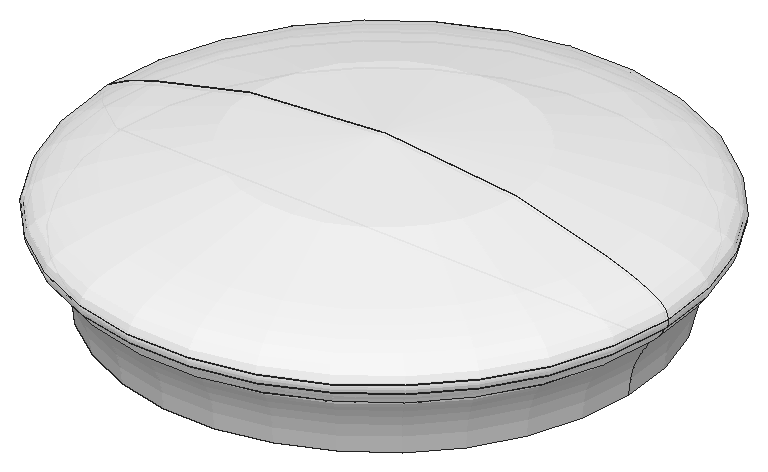
Revit family "0043409", category Lighting Devices, host Face, Revit 2023 (continued)
Definition of nested family "0043409_3000K_29W_lightsource"
  Parameters (values of type "START SURFACE IP54 2500-4000 830/840 lightsource")
    built-in parameter 1150142 = "IESNA:LM-63-2002\r\n[TEST] 20231016003M-01\r\n[TESTLAB] \r\n[TESTDATE] 16 Oct 2023\r\n[ISSUEDATE] 16 Oct 2023\r\n[MANUFAC] SYLVANIA\r\n[LUMCAT] 0043409\r\n[LUMINAIRE] START Surface IP44 Multip 4000lm 830 840-4000K-2µµ\r\n[FLASHAREA] 0.030401\r\n[LAMPCAT] LED\r\n[LAMP] LED\r\nTILT=NONE\r\n1 3500.00 1.0 181 4 1 2 -0.400 -0.400 0.000\r\n1.00 1.00 29.00\r\n0.00 1.00 2.00 3.00 4.00 5.00 6.00 7.00 8.00 9.00 10.00 \r\n11.00 12.00 13.00 14.00 15.00 16.00 17.00 18.00 19.00 \r\n20.00 21.00 22.00 23.00 24.00 25.00 26.00 27.00 28.00 \r\n29.00 30.00 31.00 32.00 33.00 34.00 35.00 36.00 37.00 \r\n38.00 39.00 40.00 41.00 42.00 43.00 44.00 45.00 46.00 \r\n47.00 48.00 49.00 50.00 51.00 52.00 53.00 54.00 55.00 \r\n56.00 57.00 58.00 59.00 60.00 61.00 62.00 63.00 64.00 \r\n65.00 66.00 67.00 68.00 69.00 70.00 71.00 72.00 73.00 \r\n74.00 75.00 76.00 77.00 78.00 79.00 80.00 81.00 82.00 \r\n83.00 84.00 85.00 86.00 87.00 88.00 89.00 90.00 91.00 \r\n92.00 93.00 94.00 95.00 96.00 97.00 98.00 99.00 100.00 \r\n101.00 102.00 103.00 104.00 105.00 106.00 107.00 108.00 \r\n109.00 110.00 111.00 112.00 113.00 114.00 115.00 116.00 \r\n117.00 118.00 119.00 120.00 121.00 122.00 123.00 124.00 \r\n125.00 126.00 127.00 128.00 129.00 130.00 131.00 132.00 \r\n133.00 134.00 135.00 136.00 137.00 138.00 139.00 140.00 \r\n141.00 142.00 143.00 144.00 145.00 146.00 147.00 148.00 \r\n149.00 150.00 151.00 152.00 153.00 154.00 155.00 156.00 \r\n157.00 158.00 159.00 160.00 161.00 162.00 163.00 164.00 \r\n165.00 166.00 167.00 168.00 169.00 170.00 171.00 172.00 \r\n173.00 174.00 175.00 176.00 177.00 178.00 179.00 180.00 \r\n0.00 30.00 60.00 90.00 \r\n836.50 836.15 836.15 835.80 835.10 834.40 834.05 833.00 \r\n831.95 830.55 828.80 827.05 825.30 823.20 821.10 818.30 \r\n815.85 812.70 809.55 806.40 802.55 798.70 794.85 790.65 \r\n786.45 781.55 776.65 771.40 766.15 760.20 754.60 748.30 \r\n742.00 735.70 728.70 721.70 714.35 706.65 698.95 691.25 \r\n682.85 674.45 665.70 656.60 647.50 638.05 628.60 619.15 \r\n609.00 599.20 589.40 578.20 567.35 556.50 544.95 533.75 \r\n521.85 510.30 498.40 486.15 473.90 461.65 449.40 436.80 \r\n424.20 411.60 399.00 386.05 373.45 360.85 348.18 335.72 \r\n323.26 310.90 298.65 286.62 274.71 263.31 251.96 240.94 \r\n230.34 220.22 210.21 200.62 191.31 182.59 174.13 165.83 \r\n158.24 150.92 144.41 138.11 132.54 127.19 122.47 117.98 \r\n113.89 110.18 106.68 103.46 100.66 98.04 95.66 93.59 \r\n91.77 90.09 88.55 87.19 86.00 84.91 83.96 83.02 82.08 \r\n81.20 80.25 79.31 78.40 77.49 76.58 75.70 74.73 73.78 \r\n72.83 71.79 70.77 69.65 68.53 67.38 66.29 65.10 63.91 \r\n62.72 61.50 60.20 58.98 57.75 56.56 55.30 54.00 52.75 \r\n51.45 50.12 48.69 47.22 46.06 45.01 44.00 42.95 41.90 \r\n40.84 39.87 38.88 37.98 37.24 36.47 35.73 35.56 35.66 \r\n35.59 34.78 33.77 32.80 32.00 31.12 30.08 29.10 28.05 \r\n26.52 25.03 23.55 21.95 20.04 17.86 15.20 13.15 11.50 \r\n10.44 8.50 6.62 6.62 6.62 \r\n836.50 836.15 836.15 835.80 835.45 834.75 834.05 833.00 \r\n831.95 830.55 829.15 827.40 825.65 823.55 821.45 819.00 \r\n816.20 813.05 809.90 806.75 803.25 799.40 795.55 791.35 \r\n786.80 782.25 777.35 772.10 766.50 760.90 755.30 749.00 \r\n742.70 736.40 729.40 722.05 715.05 707.70 699.65 691.60 \r\n683.55 675.15 666.40 657.30 647.85 638.40 628.95 619.15 \r\n609.00 598.50 588.00 577.50 566.30 555.45 543.90 532.70 \r\n521.15 508.90 497.00 485.10 472.85 460.60 448.35 435.40 \r\n422.80 410.55 397.95 385.00 372.40 359.80 347.03 334.32 \r\n321.75 309.64 298.13 286.62 275.10 263.65 252.88 241.99 \r\n231.59 221.27 211.47 201.67 192.22 183.09 174.23 165.87 \r\n158.16 150.88 144.27 138.18 132.51 127.33 122.50 118.16 \r\n114.13 110.42 107.10 103.95 101.12 98.56 96.29 94.15 \r\n92.26 90.48 88.90 87.57 86.34 85.23 84.17 83.23 82.39 \r\n81.62 80.95 80.33 79.69 79.17 78.54 77.94 77.35 76.72 \r\n76.13 75.50 74.87 74.27 73.64 72.98 72.34 71.64 71.02 \r\n70.35 69.58 68.74 67.90 67.02 66.08 65.13 64.16 63.07 \r\n61.98 60.90 59.78 58.66 57.57 56.49 55.34 54.25 53.16 \r\n52.22 51.31 50.23 49.00 47.74 46.48 44.45 42.73 41.23 \r\n39.79 38.40 36.96 35.59 34.17 32.69 31.11 29.63 28.31 \r\n26.87 25.26 23.31 21.19 18.98 16.97 16.44 14.29 11.80 \r\n9.77 7.27 6.71 6.67 6.66 \r\n836.50 836.50 836.15 836.15 835.80 835.45 834.75 833.70 \r\n832.65 831.60 830.20 828.45 826.70 824.95 822.50 820.05 \r\n817.60 814.80 812.00 808.50 805.00 801.15 797.30 793.45 \r\n789.25 784.70 779.80 774.55 769.30 763.70 757.75 751.80 \r\n745.50 739.20 732.55 725.55 718.55 710.85 703.15 695.45 \r\n687.40 678.65 669.90 661.50 652.05 642.95 633.50 623.70 \r\n613.55 603.40 593.60 582.75 571.90 561.40 549.85 538.30 \r\n526.75 514.85 502.95 491.05 478.80 466.55 453.95 441.35 \r\n429.10 416.15 403.90 390.95 378.35 365.40 352.80 340.06 \r\n327.60 315.18 303.10 291.44 279.86 268.63 257.63 246.71 \r\n236.32 225.96 215.84 205.76 196.03 186.45 176.92 168.35 \r\n160.34 152.67 145.78 139.37 133.53 128.03 123.06 118.44 \r\n114.24 110.42 106.89 103.70 100.77 98.07 95.69 93.45 \r\n91.56 89.77 88.20 86.73 85.44 84.17 83.19 82.25 81.41 \r\n80.61 79.94 79.20 78.58 77.88 77.25 76.65 76.06 75.53 \r\n74.97 74.41 73.81 73.29 72.69 72.10 71.54 70.98 70.45 \r\n69.93 69.33 68.67 67.90 67.09 66.22 65.24 64.23 63.25 \r\n62.16 61.07 59.92 58.70 57.50 56.35 55.16 54.00 52.81 \r\n51.70 50.61 49.56 48.54 47.35 46.13 44.48 42.56 40.50 \r\n38.32 36.33 34.90 33.72 32.76 31.60 30.08 28.32 26.37 \r\n24.30 22.39 20.57 18.72 17.43 16.64 16.59 15.02 11.39 \r\n8.67 7.26 6.62 6.62 6.62 \r\n836.50 836.50 836.15 836.15 835.80 835.10 834.75 834.05 \r\n833.00 831.95 830.55 829.15 827.40 825.30 823.20 820.75 \r\n818.30 815.50 812.70 809.55 806.05 802.55 798.35 794.15 \r\n790.30 785.75 780.85 775.95 770.35 765.10 759.15 753.20 \r\n746.90 740.60 733.95 726.95 719.60 712.25 704.20 696.50 \r\n688.45 680.40 671.65 662.55 653.45 644.35 634.55 624.75 \r\n614.60 604.45 594.30 583.45 572.60 561.40 550.20 539.00 \r\n527.10 515.55 503.30 491.40 479.15 466.90 454.65 442.05 \r\n429.45 416.85 404.25 391.30 378.35 366.10 352.80 340.48 \r\n327.91 315.53 303.80 292.07 280.38 269.22 258.34 247.69 \r\n237.41 227.22 217.03 207.03 197.09 187.46 177.87 168.95 \r\n160.65 152.99 145.81 139.13 133.11 127.50 122.50 117.71 \r\n113.43 109.44 105.88 102.52 99.50 96.74 94.25 92.05 90.06 \r\n88.13 86.48 85.02 83.69 82.50 81.31 80.29 79.31 78.30 \r\n77.35 76.37 75.46 74.58 73.67 72.77 71.82 70.88 69.89 \r\n68.95 68.00 66.95 65.87 64.71 63.70 62.65 61.67 60.65 \r\n59.64 58.63 57.64 56.73 55.82 54.91 54.07 53.23 52.29 \r\n51.41 50.44 49.03 47.71 46.41 45.01 43.78 42.63 41.54 \r\n40.43 39.41 38.36 37.24 36.19 35.10 34.01 32.90 31.77 \r\n30.47 29.42 28.26 27.11 26.00 24.73 23.57 22.71 22.06 \r\n21.01 19.50 17.78 15.81 14.70 14.97 14.12 11.95 9.61 7.75 \r\n6.70 6.65 6.63 \r\n"
    Model = "START SURFACE IP54 2500-4000 830/840 lightsource"
    Manufacturer = "Feilo Sylvania"
    built-in parameter 1150105 = 276.93 (stored number, unit not read)
    Lumens = 3480 lm
    built-in parameter 1150115 = 1 (stored number, unit not read)
    built-in parameter 1150137 = (empty or 0)
    built-in parameter 1150139 = (empty or 0)
    built-in parameter 1150112 = 1 (stored number, unit not read)
    built-in parameter 1150114 = 1 (stored number, unit not read)
    Lamp = "LED"
    Keynote = "16500"
    built-in parameter 1150132 = (empty or 0)
    built-in parameter 1150102 = 120
    built-in parameter 1150107 = 3000 (stored number, unit not read)
    built-in parameter 1150138 = (empty or 0)
    built-in parameter 1150106 = 2.7693 (stored number, unit not read)
    Emit from Circle Diameter = 400 mm  # constant formula
    Emit Shape Visible in Rendering = no
    built-in parameter 1150104 = 11.148 (stored number, unit not read)
    Dimming Lamp Color Temperature Shift = (empty or 0)
    Description = ""
    Default Elevation = 1219.2 mm
    Cost = 0
    Color Filter = 16777215
    built-in parameter 1114216 [instance] = (empty or 0)
    built-in parameter 1114218 = 1 (stored number, unit not read)
    built-in parameter 1150133 = 10 (stored number, unit not read)
    Assembly Code = "D5020200"
    Apparent Load = 0 VA
  Reference planes
    plane 1 "Center (Front/Back)": y = 0
    plane 2: z = 0
    plane 3 "Center (Left/Right)": x = 0
  Forms (mm)
    Extrusion 1, solid
      sketch origin (4.2, 0, 0) x (1, 0, 0) y (0, 1, 0)
        loop
          line (-1219.2, 1219.2) -> (-1219.2, -1219.2) -> (1219.2, -1219.2) -> (1219.2, 1219.2) -> (-1219.2, 1219.2)
      from 0 to -68.017
  Dimensions and locks
    aligned and locked: plane 2 to Extrusion 1
    aligned and locked: level to Extrusion 1
Definition of nested family "0043409_3000K_33W_lightsource"
  Parameters (values of type "START SURFACE IP54 2500-4000 830/840 lightsource")
    Wattage Comments = "n/a"
    Wattage = 33 W
    built-in parameter 1150110 = 1 (stored number, unit not read)
    URL = "http://www.sylvania-lighting.com"
    Type Image = (empty or 0)
    Type Comments = "n/a"
    built-in parameter 1114217 = 1 (stored number, unit not read)
    Tilt Angle = -90.00°
    built-in parameter 1150109 = 1 (stored number, unit not read)
    built-in parameter 1150134 = (empty or 0)
    built-in parameter 1150113 = 1 (stored number, unit not read)
    Photometric Web File = "0043409_3000K_33W.IES"
    built-in parameter 1150142 = "IESNA:LM-63-2002\r\n[TEST] 20231016003M-01\r\n[TESTLAB] \r\n[TESTDATE] 16 Oct 2023\r\n[ISSUEDATE] 16 Oct 2023\r\n[MANUFAC] SYLVANIA\r\n[LUMCAT] 0043409\r\n[LUMINAIRE] START Surface IP44 Multip 4000lm 830 840-3000K 1µµ\r\n[FLASHAREA] 0.030401\r\n[LAMPCAT] LED\r\n[LAMP] LED\r\nTILT=NONE\r\n1 3750.00 1.0 181 4 1 2 -0.400 -0.400 0.000\r\n1.00 1.00 33.00\r\n0.00 1.00 2.00 3.00 4.00 5.00 6.00 7.00 8.00 9.00 10.00 \r\n11.00 12.00 13.00 14.00 15.00 16.00 17.00 18.00 19.00 \r\n20.00 21.00 22.00 23.00 24.00 25.00 26.00 27.00 28.00 \r\n29.00 30.00 31.00 32.00 33.00 34.00 35.00 36.00 37.00 \r\n38.00 39.00 40.00 41.00 42.00 43.00 44.00 45.00 46.00 \r\n47.00 48.00 49.00 50.00 51.00 52.00 53.00 54.00 55.00 \r\n56.00 57.00 58.00 59.00 60.00 61.00 62.00 63.00 64.00 \r\n65.00 66.00 67.00 68.00 69.00 70.00 71.00 72.00 73.00 \r\n74.00 75.00 76.00 77.00 78.00 79.00 80.00 81.00 82.00 \r\n83.00 84.00 85.00 86.00 87.00 88.00 89.00 90.00 91.00 \r\n92.00 93.00 94.00 95.00 96.00 97.00 98.00 99.00 100.00 \r\n101.00 102.00 103.00 104.00 105.00 106.00 107.00 108.00 \r\n109.00 110.00 111.00 112.00 113.00 114.00 115.00 116.00 \r\n117.00 118.00 119.00 120.00 121.00 122.00 123.00 124.00 \r\n125.00 126.00 127.00 128.00 129.00 130.00 131.00 132.00 \r\n133.00 134.00 135.00 136.00 137.00 138.00 139.00 140.00 \r\n141.00 142.00 143.00 144.00 145.00 146.00 147.00 148.00 \r\n149.00 150.00 151.00 152.00 153.00 154.00 155.00 156.00 \r\n157.00 158.00 159.00 160.00 161.00 162.00 163.00 164.00 \r\n165.00 166.00 167.00 168.00 169.00 170.00 171.00 172.00 \r\n173.00 174.00 175.00 176.00 177.00 178.00 179.00 180.00 \r\n0.00 30.00 60.00 90.00 \r\n898.13 898.13 897.75 897.38 896.63 895.88 895.13 894.38 \r\n892.88 891.75 889.88 888.00 886.13 883.88 881.25 878.25 \r\n875.25 872.25 868.88 865.13 861.38 857.25 853.13 848.25 \r\n843.38 838.50 833.25 827.25 821.63 815.25 808.88 802.13 \r\n795.38 788.25 780.75 773.25 765.38 757.13 748.50 740.25 \r\n731.63 722.25 712.88 703.13 693.00 682.88 672.38 661.88 \r\n651.00 640.13 628.88 617.63 606.00 595.13 582.38 570.00 \r\n557.25 544.50 531.75 519.00 505.50 492.38 479.25 465.38 \r\n451.88 438.38 424.88 411.00 397.50 384.00 370.39 357.04 \r\n343.65 330.45 317.44 304.43 291.82 279.45 267.41 255.71 \r\n244.35 233.36 222.83 212.59 202.80 193.50 184.31 175.69 \r\n167.51 159.82 152.96 146.44 140.59 135.04 130.01 125.29 \r\n120.94 117.11 113.48 110.10 107.17 104.44 101.96 99.71 \r\n97.88 96.04 94.46 93.08 91.88 90.71 89.70 88.65 87.71 \r\n86.81 85.80 84.83 83.81 82.88 81.94 80.96 79.99 78.97 \r\n77.93 76.84 75.75 74.55 73.39 72.15 70.95 69.71 68.44 \r\n67.16 65.85 64.46 63.15 61.88 60.60 59.25 57.90 56.48 \r\n55.13 53.70 52.16 50.59 49.28 48.11 47.02 45.90 44.81 \r\n43.69 42.64 41.63 40.61 39.79 38.96 38.21 37.99 38.14 \r\n38.06 37.17 36.11 35.02 34.13 33.19 32.11 31.08 29.94 \r\n28.30 26.73 25.15 23.41 21.37 19.06 16.29 14.09 12.35 \r\n11.24 9.15 7.11 7.11 7.11 \r\n898.13 898.13 897.75 897.38 897.00 896.25 895.50 894.38 \r\n893.25 891.75 890.25 888.38 886.50 884.25 881.63 879.00 \r\n876.00 873.00 869.63 865.88 862.13 858.00 853.88 849.38 \r\n844.88 839.63 834.38 828.75 823.13 816.75 810.38 804.00 \r\n797.25 790.13 782.63 775.13 767.25 759.00 750.38 741.75 \r\n733.13 724.13 714.38 705.00 694.88 684.75 674.63 663.75 \r\n652.88 641.63 630.38 618.38 606.75 594.75 582.75 570.75 \r\n558.00 545.25 532.13 519.75 506.25 493.13 479.63 466.13 \r\n452.63 438.75 425.25 411.38 398.25 384.00 370.57 357.19 \r\n343.58 330.30 317.29 305.29 293.32 281.36 269.63 257.85 \r\n246.71 235.80 225.19 214.72 204.60 194.92 185.40 176.40 \r\n168.15 160.46 153.38 146.96 141.00 135.45 130.43 125.70 \r\n121.54 117.64 114.04 110.77 107.77 105.04 102.60 100.39 \r\n98.44 96.52 94.91 93.45 92.17 91.01 89.92 88.95 88.01 \r\n87.23 86.59 85.88 85.16 84.52 83.89 83.29 82.65 81.97 \r\n81.30 80.66 80.03 79.31 78.64 78.00 77.33 76.65 75.94 \r\n75.19 74.40 73.54 72.60 71.66 70.69 69.71 68.59 67.46 \r\n66.34 65.14 63.94 62.74 61.54 60.38 59.17 58.01 56.89 \r\n55.88 54.86 53.70 52.39 51.07 49.61 47.55 45.67 43.99 \r\n42.52 41.06 39.52 38.10 36.53 34.99 33.31 31.70 30.26 \r\n28.72 27.04 24.95 22.68 20.31 18.20 17.63 15.38 12.71 \r\n10.52 7.87 7.21 7.18 7.15 \r\n898.13 898.13 898.13 897.75 897.38 897.00 895.88 895.13 \r\n894.00 892.88 891.38 889.88 888.00 885.75 883.50 880.88 \r\n877.88 874.88 871.50 868.13 864.38 860.63 856.50 852.38 \r\n847.50 842.63 837.38 832.13 826.13 820.50 814.13 807.75 \r\n801.00 793.88 786.75 779.25 771.38 763.50 755.25 746.63 \r\n738.00 729.00 719.25 709.88 700.13 690.38 679.88 669.38 \r\n658.50 647.63 636.38 625.13 613.50 602.25 590.25 577.88 \r\n565.88 552.75 540.00 527.25 514.13 500.63 487.50 474.00 \r\n460.50 446.63 433.13 419.25 405.75 392.25 378.38 364.80 \r\n351.34 338.14 325.01 312.45 299.89 287.77 276.00 264.41 \r\n253.13 242.06 231.07 220.31 209.85 199.61 189.53 180.23 \r\n171.34 163.31 155.81 149.06 142.65 136.88 131.36 126.49 \r\n121.88 117.83 114.08 110.63 107.51 104.74 102.11 99.75 \r\n97.69 95.81 94.13 92.59 91.16 89.89 88.80 87.83 86.92 \r\n86.10 85.31 84.52 83.85 83.17 82.54 81.90 81.30 80.66 \r\n80.06 79.46 78.86 78.26 77.66 77.06 76.42 75.86 75.26 \r\n74.70 74.06 73.35 72.53 71.59 70.65 69.64 68.66 67.61 \r\n66.49 65.29 64.05 62.77 61.54 60.30 59.02 57.75 56.48 \r\n55.20 54.11 52.99 51.83 50.59 49.28 47.59 45.56 43.35 \r\n41.02 38.93 37.33 36.12 35.09 33.78 32.22 30.36 28.28 \r\n26.11 24.03 22.02 20.11 18.71 17.89 17.81 16.18 12.29 \r\n9.31 7.82 7.13 7.12 7.12 \r\n898.13 898.13 898.13 898.13 897.75 897.38 896.63 895.88 \r\n894.75 893.63 892.13 890.25 888.38 886.50 884.25 881.63 \r\n879.00 876.00 873.00 869.25 865.88 861.75 857.63 853.50 \r\n849.00 844.13 838.88 833.63 828.00 822.00 816.00 809.25 \r\n802.88 796.13 789.00 781.50 773.63 765.75 757.50 748.88 \r\n740.25 731.63 722.25 712.50 702.75 692.63 682.50 672.00 \r\n661.13 649.88 639.00 627.38 615.75 603.75 591.75 579.38 \r\n567.00 554.63 541.50 528.75 515.63 502.13 489.00 475.50 \r\n462.00 448.13 434.63 421.13 407.25 393.38 379.50 366.41 \r\n352.80 339.49 326.18 313.24 301.46 289.69 277.95 266.51 \r\n255.41 244.35 233.51 222.71 212.06 201.82 191.48 181.72 \r\n172.65 164.32 156.56 149.32 142.73 136.84 131.25 126.19 \r\n121.46 117.19 113.32 109.69 106.46 103.50 100.80 98.40 \r\n96.30 94.28 92.40 90.82 89.44 88.20 86.89 85.84 84.75 \r\n83.74 82.69 81.68 80.66 79.73 78.75 77.77 76.84 75.75 \r\n74.70 73.69 72.64 71.51 70.31 69.11 68.03 66.94 65.85 \r\n64.76 63.64 62.63 61.61 60.67 59.70 58.76 57.83 56.92 \r\n55.95 54.98 53.93 52.46 51.04 49.61 48.11 46.76 45.56 \r\n44.40 43.24 42.08 40.99 39.67 38.51 37.42 36.25 35.09 \r\n33.94 32.61 31.50 30.26 28.99 27.82 26.46 25.21 24.28 \r\n23.60 22.46 20.86 19.03 16.95 15.75 16.08 15.10 12.78 \r\n10.29 8.30 7.23 7.14 7.12 \r\n"
    Model = "START SURFACE IP54 2500-4000 830/840 lightsource"
    Manufacturer = "Feilo Sylvania"
    built-in parameter 1150105 = 315.13 (stored number, unit not read)
    Lumens = 3960 lm
    built-in parameter 1150115 = 1 (stored number, unit not read)
    built-in parameter 1150137 = (empty or 0)
    built-in parameter 1150139 = (empty or 0)
    built-in parameter 1150112 = 1 (stored number, unit not read)
    built-in parameter 1150114 = 1 (stored number, unit not read)
    Lamp = "LED"
    Keynote = "16500"
    built-in parameter 1150132 = (empty or 0)
    built-in parameter 1150102 = 120
    built-in parameter 1150107 = 3000 (stored number, unit not read)
    built-in parameter 1150138 = (empty or 0)
    built-in parameter 1150106 = 3.1513 (stored number, unit not read)
    Emit from Circle Diameter = 400 mm  # constant formula
    Emit Shape Visible in Rendering = no
    built-in parameter 1150104 = 11.148 (stored number, unit not read)
    Dimming Lamp Color Temperature Shift = (empty or 0)
    Description = ""
    Default Elevation = 1219.2 mm
    Cost = 0
    Color Filter = 16777215
    built-in parameter 1114216 [instance] = (empty or 0)
    built-in parameter 1114218 = 1 (stored number, unit not read)
    built-in parameter 1150133 = 10 (stored number, unit not read)
    Assembly Code = "D5020200"
    Apparent Load = 0 VA
  Reference planes
    plane 1 "Center (Front/Back)": y = 0
    plane 2: z = 0
    plane 3 "Center (Left/Right)": x = 0
  Forms (mm)
    Extrusion 1, solid
      sketch origin (4.2, 0, 0) x (1, 0, 0) y (0, 1, 0)
        loop
          line (-1219.2, 1219.2) -> (-1219.2, -1219.2) -> (1219.2, -1219.2) -> (1219.2, 1219.2) -> (-1219.2, 1219.2)
      from 0 to -68.017
  Dimensions and locks
    aligned and locked: plane 2 to Extrusion 1
    aligned and locked: level to Extrusion 1
Definition of nested family "0043409_4000K_21W_lightsource"
  Parameters (values of type "START SURFACE IP54 2500-4000 830/840 lightsource")
    Wattage Comments = "n/a"
    Wattage = 21 W
    built-in parameter 1150110 = 1 (stored number, unit not read)
    URL = "http://www.sylvania-lighting.com"
    Type Image = (empty or 0)
    Type Comments = "n/a"
    built-in parameter 1114217 = 1 (stored number, unit not read)
    Tilt Angle = -90.00°
    built-in parameter 1150109 = 1 (stored number, unit not read)
    built-in parameter 1150134 = 12
    built-in parameter 1150113 = 1 (stored number, unit not read)
    Photometric Web File = "0043409_4000K_21W.IES"
    built-in parameter 1150142 = "IESNA:LM-63-2002\r\n[TEST] 20231016003M-01\r\n[TESTLAB] \r\n[TESTDATE] 16 Oct 2023\r\n[ISSUEDATE] 16 Oct 2023\r\n[MANUFAC] SYLVANIA\r\n[LUMCAT] 0043409\r\n[LUMINAIRE] START Surface IP44 Multip 4000lm 830 840-4000K 4µµ\r\n[FLASHAREA] 0.030401\r\n[LAMPCAT] LED\r\n[LAMP] LED\r\nTILT=NONE\r\n1 2500.00 1.0 181 4 1 2 -0.400 -0.400 0.000\r\n1.00 1.00 21.00\r\n0.00 1.00 2.00 3.00 4.00 5.00 6.00 7.00 8.00 9.00 10.00 \r\n11.00 12.00 13.00 14.00 15.00 16.00 17.00 18.00 19.00 \r\n20.00 21.00 22.00 23.00 24.00 25.00 26.00 27.00 28.00 \r\n29.00 30.00 31.00 32.00 33.00 34.00 35.00 36.00 37.00 \r\n38.00 39.00 40.00 41.00 42.00 43.00 44.00 45.00 46.00 \r\n47.00 48.00 49.00 50.00 51.00 52.00 53.00 54.00 55.00 \r\n56.00 57.00 58.00 59.00 60.00 61.00 62.00 63.00 64.00 \r\n65.00 66.00 67.00 68.00 69.00 70.00 71.00 72.00 73.00 \r\n74.00 75.00 76.00 77.00 78.00 79.00 80.00 81.00 82.00 \r\n83.00 84.00 85.00 86.00 87.00 88.00 89.00 90.00 91.00 \r\n92.00 93.00 94.00 95.00 96.00 97.00 98.00 99.00 100.00 \r\n101.00 102.00 103.00 104.00 105.00 106.00 107.00 108.00 \r\n109.00 110.00 111.00 112.00 113.00 114.00 115.00 116.00 \r\n117.00 118.00 119.00 120.00 121.00 122.00 123.00 124.00 \r\n125.00 126.00 127.00 128.00 129.00 130.00 131.00 132.00 \r\n133.00 134.00 135.00 136.00 137.00 138.00 139.00 140.00 \r\n141.00 142.00 143.00 144.00 145.00 146.00 147.00 148.00 \r\n149.00 150.00 151.00 152.00 153.00 154.00 155.00 156.00 \r\n157.00 158.00 159.00 160.00 161.00 162.00 163.00 164.00 \r\n165.00 166.00 167.00 168.00 169.00 170.00 171.00 172.00 \r\n173.00 174.00 175.00 176.00 177.00 178.00 179.00 180.00 \r\n0.00 30.00 60.00 90.00 \r\n597.25 598.00 597.25 596.00 596.75 596.00 594.75 595.00 \r\n594.25 593.25 592.25 590.75 588.75 587.50 586.50 585.00 \r\n582.75 581.00 578.00 576.00 573.25 570.75 567.25 565.25 \r\n562.00 558.50 555.75 551.75 547.75 544.00 540.00 535.75 \r\n531.25 526.25 520.75 516.50 511.25 506.00 500.00 494.25 \r\n488.25 482.25 476.25 469.75 463.00 456.25 448.50 443.00 \r\n434.75 427.50 419.75 412.25 404.25 396.00 388.00 380.00 \r\n371.50 362.50 354.25 345.75 337.00 327.75 319.25 310.25 \r\n301.75 291.50 283.00 273.75 264.75 255.50 246.30 237.50 \r\n228.92 220.20 211.45 202.93 194.57 186.18 178.25 170.47 \r\n162.93 155.35 148.38 141.58 134.95 128.47 122.58 116.90 \r\n111.63 106.55 102.00 97.52 93.58 89.85 86.38 83.18 80.17 \r\n77.50 74.97 72.85 70.77 68.90 67.28 65.77 64.45 63.22 \r\n62.15 61.17 60.40 59.65 58.92 58.22 57.60 56.95 56.22 \r\n55.58 54.90 54.23 53.67 53.03 52.45 51.70 51.13 50.48 \r\n49.70 48.98 48.17 47.33 46.52 45.65 44.80 43.92 43.03 \r\n42.15 41.30 40.40 39.50 38.60 37.67 36.73 35.77 34.80 \r\n33.65 32.67 31.75 30.95 30.23 29.53 28.73 27.97 27.27 \r\n26.65 26.07 25.53 25.05 24.54 24.45 24.51 24.48 23.89 \r\n23.26 22.52 22.01 21.48 20.80 20.05 19.32 18.21 17.13 \r\n16.06 14.91 13.62 12.14 10.40 8.91 7.73 7.02 5.70 4.65 \r\n4.65 4.65 \r\n597.25 597.25 597.00 597.00 597.00 596.50 595.75 594.75 \r\n594.25 592.50 592.50 590.25 589.25 587.50 586.25 584.25 \r\n582.25 580.75 578.00 575.00 572.75 570.00 567.00 563.75 \r\n561.25 557.50 554.00 550.75 546.50 542.50 538.00 534.25 \r\n528.50 524.25 519.50 514.25 509.00 503.75 498.25 492.25 \r\n487.50 481.00 474.25 468.00 461.00 454.50 447.25 440.50 \r\n432.75 425.50 417.75 410.25 403.00 395.25 386.50 378.50 \r\n370.25 361.50 352.50 344.75 335.75 327.00 318.00 308.75 \r\n300.00 291.25 282.50 273.75 264.75 256.00 246.83 237.90 \r\n228.88 220.63 211.68 203.10 194.72 186.42 178.35 170.58 \r\n163.08 155.70 148.65 141.53 135.23 129.05 123.25 117.48 \r\n112.13 107.20 102.52 98.07 94.22 90.55 86.90 83.77 80.82 \r\n78.13 75.72 73.45 71.53 69.60 67.95 66.45 65.13 64.00 \r\n62.98 62.02 61.17 60.43 59.77 59.13 58.65 58.17 57.75 \r\n57.30 56.90 56.48 56.05 55.77 55.45 55.03 54.68 54.23 \r\n53.80 53.40 53.00 52.55 52.15 51.70 51.28 50.85 50.32 \r\n49.83 49.28 48.72 48.08 47.38 46.73 45.98 45.25 44.50 \r\n43.75 42.95 42.23 41.42 40.65 39.90 39.17 38.52 37.83 \r\n37.02 36.13 35.27 34.42 33.17 31.88 30.65 29.57 28.52 \r\n27.48 26.58 25.60 24.58 23.49 22.47 21.49 20.45 19.25 \r\n17.76 16.13 14.50 12.98 12.36 10.76 8.93 7.23 5.04 4.72 \r\n4.71 4.69 \r\n597.25 597.25 597.00 597.00 596.50 596.25 595.75 595.25 \r\n594.75 593.75 592.75 591.75 590.50 588.75 587.00 585.25 \r\n583.25 581.50 579.25 577.00 574.50 571.75 569.00 566.25 \r\n563.25 561.50 557.50 553.75 549.75 546.00 541.75 537.50 \r\n533.00 528.25 523.50 518.75 513.50 508.00 502.75 497.00 \r\n491.25 486.50 479.50 472.75 466.25 460.00 452.50 445.50 \r\n438.25 431.00 423.50 416.00 408.25 400.50 392.50 384.25 \r\n376.00 367.50 359.00 350.50 342.00 333.25 324.25 315.25 \r\n306.50 297.50 288.25 279.25 270.25 261.25 252.00 243.20 \r\n234.35 225.45 216.80 208.10 199.55 191.13 182.90 174.95 \r\n167.10 159.50 152.22 145.13 138.42 132.13 125.88 120.10 \r\n114.60 109.35 104.60 100.10 95.95 92.13 88.58 85.25 82.27 \r\n79.52 77.00 74.65 72.53 70.70 68.92 67.33 65.92 64.67 \r\n63.48 62.53 61.60 60.80 60.10 59.45 58.90 58.43 58.00 \r\n57.58 57.20 56.80 56.42 56.05 55.67 55.32 54.95 54.60 \r\n54.25 53.88 53.48 53.05 52.67 52.30 51.90 51.52 51.15 \r\n50.70 50.17 49.65 49.05 48.40 47.75 47.10 46.38 45.58 \r\n44.80 43.95 43.15 42.30 41.45 40.60 39.77 38.92 38.13 \r\n37.43 36.67 35.85 34.93 33.77 32.48 31.02 29.45 28.08 \r\n26.92 26.05 25.35 24.48 23.52 22.30 20.87 19.31 17.82 \r\n16.37 14.93 13.91 13.23 12.93 11.85 9.35 7.24 6.04 4.99 \r\n4.66 4.66 \r\n597.25 597.00 596.75 596.75 596.50 596.25 595.75 595.00 \r\n594.50 593.50 592.50 591.50 590.25 589.00 587.25 585.75 \r\n583.75 581.75 579.75 577.50 575.00 572.50 569.75 566.75 \r\n563.75 560.50 557.00 553.50 549.75 546.00 542.00 537.75 \r\n533.25 529.00 524.00 519.00 514.00 508.75 503.50 498.00 \r\n492.00 486.00 480.00 473.75 467.50 460.75 454.00 447.25 \r\n440.00 432.75 425.50 417.75 410.25 402.75 394.75 386.75 \r\n378.50 370.25 361.50 353.25 344.50 335.75 327.00 317.75 \r\n308.75 300.00 291.25 282.50 273.75 264.75 255.50 246.60 \r\n237.47 228.72 219.90 211.02 202.40 193.82 185.60 177.45 \r\n169.50 161.80 154.45 147.17 140.50 134.08 127.70 121.58 \r\n116.02 110.53 105.47 100.72 96.45 92.52 88.77 85.33 82.25 \r\n79.33 76.63 74.20 72.02 70.08 68.22 66.58 65.15 63.83 \r\n62.65 61.65 60.72 59.80 58.92 58.27 57.63 57.00 56.42 \r\n55.80 55.27 54.75 54.18 53.52 52.93 52.20 51.55 50.95 \r\n50.25 49.52 48.78 48.03 47.27 46.60 45.90 45.23 44.55 \r\n43.88 43.25 42.67 42.10 41.52 40.98 40.43 39.85 39.20 \r\n38.50 37.57 36.60 35.67 34.67 33.70 32.83 32.02 31.27 \r\n30.55 29.77 28.93 28.22 27.50 26.78 26.00 25.27 24.38 \r\n23.61 22.72 21.83 21.00 20.07 19.23 18.55 18.05 17.24 \r\n16.07 14.72 13.16 12.16 12.33 11.70 9.88 8.04 6.53 5.31 \r\n4.69 4.68 \r\n"
    Model = "START SURFACE IP54 2500-4000 830/840 lightsource"
    Manufacturer = "Feilo Sylvania"
    built-in parameter 1150105 = 200.54 (stored number, unit not read)
    Lumens = 2520 lm
    built-in parameter 1150115 = 1 (stored number, unit not read)
    built-in parameter 1150137 = (empty or 0)
    built-in parameter 1150139 = (empty or 0)
    built-in parameter 1150112 = 1 (stored number, unit not read)
    built-in parameter 1150114 = 1 (stored number, unit not read)
    Lamp = "LED"
    Keynote = "16500"
    built-in parameter 1150132 = (empty or 0)
    built-in parameter 1150102 = 120
    built-in parameter 1150107 = 4000 (stored number, unit not read)
    built-in parameter 1150138 = (empty or 0)
    built-in parameter 1150106 = 2.0054 (stored number, unit not read)
    Emit from Circle Diameter = 400 mm  # constant formula
    Emit Shape Visible in Rendering = no
    built-in parameter 1150104 = 11.148 (stored number, unit not read)
    Dimming Lamp Color Temperature Shift = (empty or 0)
    Description = ""
    Default Elevation = 1219.2 mm
    Cost = 0
    Color Filter = 16777215
    built-in parameter 1114216 [instance] = (empty or 0)
    built-in parameter 1114218 = 1 (stored number, unit not read)
    built-in parameter 1150133 = 10 (stored number, unit not read)
    Assembly Code = "D5020200"
    Apparent Load = 0 VA
  Reference planes
    plane 1 "Center (Front/Back)": y = 0
    plane 2: z = 0
    plane 3 "Center (Left/Right)": x = 0
  Forms (mm)
    Extrusion 1, solid
      sketch origin (4.2, 0, 0) x (1, 0, 0) y (0, 1, 0)
        loop
          line (-1219.2, 1219.2) -> (-1219.2, -1219.2) -> (1219.2, -1219.2) -> (1219.2, 1219.2) -> (-1219.2, 1219.2)
      from 0 to -68.017
  Dimensions and locks
    aligned and locked: plane 2 to Extrusion 1
    aligned and locked: level to Extrusion 1
Definition of nested family "0043409_4000K_25W_lightsource"
  Parameters (values of type "START SURFACE IP54 2500-4000 830/840 lightsource")
    Wattage Comments = "n/a"
    Wattage = 25 W
    built-in parameter 1150110 = 1 (stored number, unit not read)
    URL = "http://www.sylvania-lighting.com"
    Type Image = (empty or 0)
    Type Comments = "n/a"
    built-in parameter 1114217 = 1 (stored number, unit not read)
    Tilt Angle = -90.00°
    built-in parameter 1150109 = 1 (stored number, unit not read)
    built-in parameter 1150134 = 12
    built-in parameter 1150113 = 1 (stored number, unit not read)
    Photometric Web File = "0043409_4000K_25W.IES"
